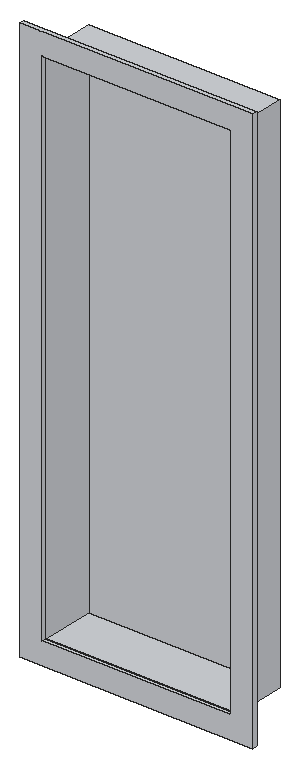
Revit family "Hager-VOLTA-Flush_mounted-Other-Without_Cover-Without_DIN-NoHosted-PL-pl", category Electrical Equipment, Revit 2023
Family settings
  Panel Configuration = Two Columns, Circuits Across
  Round Connector Dimension = Use Diameter
  Part Type = Panelboard
  Work Plane-Based = Yes
  Always vertical = Yes
  Cut with Voids When Loaded = No
  Maintain Annotation Orientation = No
  Shared = No
  Room Calculation Point = No
Parameters (values of type "VOLTA-Flush_mounted_W348_H880_D98_12_Modular_Spacing-VU60NK")
  Width Control [instance] = if([HG000006-Flush mounted-pl], if([EF000846 - Szerokość wbudowania] > min_whd, [EF000846 - Szerokość wbudowania], min_whd), if([EF000008 - Szerokość] > min_whd, ([EF000008 - Szerokość]), min_whd))  # 314 mm
  Void Depth [instance] = if([EF000218 - Głębokość wbudowania] > 1 mm, [EF000218 - Głębokość wbudowania], 1 mm)  # 90 mm
  Uniformat code = "D501001"
  Uniformat = "Low Tension Service & Dist."
  Référence = ""
  HGEF0002950-Szerokość wyrażona liczbą modułów = 12
  HGEF000266-Liczba rzędów = 5
  HG000131 - Functional label [instance] = ""
  HG000130 - Functional name [instance] = ""
  HG000099-Onfly Template ID-pl-PL = "507532"
  HG000059-Operating voltage-pl-PL [instance] = 230 V
  HG000017-Distance between poles-pl = 18 mm
  HG000016-Door 3D visibility-pl = yes
  HG000015-Clearance visibility-pl = yes
  HG000014-Door on the right-pl = yes
  HG000013-Door on the left-pl = no
  HG000012-Door swing angle-pl = 90.00°
  HG000011-Empty rows from bottom-pl = no
  HG000010-Asymmetric doors-pl = no
  HG000009-Double swing door-pl = no
  HG000008-Number of empty rows-pl = 0
  HG000007-Number of empty columns-pl = 0
  HG000006-Flush mounted-pl = yes
  HG000005-Thickness-pl = 2 mm
  HG000004-Manufacturer reference-pl = "VU60NK"
  HG000003-Range-pl = "VOLTA"
  HG000002-with door or cover-pl = no
  HG000001-Number of columns-pl = 0
  ETIM class name = "Small distribution board"
  ETIM class code = "EC000214"
  EF015941 - Drzwi przepuszczające sygnał = no
  EF015777 - Listwa zaciskowa przewodu neutralnego = no
  EF015776 - Listwa zaciskowa uziemienia = no
  EF009212 - Wykonanie/rodzaj pokrywy = ""
  EF006306 - Z zamkiem = no
  EF006244 - Transparentna pokrywa/drzwi = no
  EF005474 - Stopień ochrony (IP) = "Inne"
  EF004464 - Rodzaj drzwi = ""
  EF004462 - Rodzaj zamknięcia = "Inne"
  EF002950 - Szerokość wyrażona liczbą modułów = 12
  EF001596 - Materiał obudowy = ""
  EF001134 - Szyna DIN = no
  EF001131 - Głębokość wewnętrzna = 0 mm
  EF001088 - Możliwość rozbudowy = yes
  EF001062 - Wykonanie zgodne z Dyrektywą Kompatybilności Elektromagnetycznej EMC = no
  EF000846 - Szerokość wbudowania = 314 mm
  EF000339 - Rodzaj pokrywy = ""
  EF000332 - Wysokość wbudowania = 865 mm
  EF000266 - Liczba rzędów = 5
  EF000218 - Głębokość wbudowania = 90 mm
  EF000118 - Z płytą montażową = no
  EF000116 - Numer RAL = 9010
  EF000049 - Głębokość = 98 mm
  EF000040 - Wysokość = 880 mm
  EF000024 - Odporność na promieniowanie UV = no
  EF000008 - Szerokość = 348 mm
  EF000007 - Kolor = "Biały"
  EF000003 - Sposób montażu = "Montaż podtynkowy"
  Type Comments = ""
  System Height [instance] = Height Control - 2 * [HG000005-Thickness-pl]  # 861 mm
  Reference description = ""
  Reference = "VOLTA-Flush_mounted_W348_H880_D98_12_Modular_Spacing-VU60NK"
  Panel Name [instance] = ""  # (empty or 0)
  Offset [instance] = 0 mm
  Object type = ""
  Name hager = "ADD_Enclosures_EC000214"
  Name BIM&CO = "Electricity"
  Name = "VOLTA-Flush_mounted-Other-Without_Cover-Without_DIN-PL"
  Model = ""
  Level Offset [instance] = [Flush Mounted - Door Frame Width] + Offset  # 15 mm
  HG000060-RAL-number = "9010"
  GTIN (Global Trade Item Number) = ""
  Description = ""
  Default Elevation = 1200 mm
  Creation Date = "12/15/2025 21:47:11"
  Code hager = "ADD-EC000214_EU"
  Code Uniformat = ""
  BIM&CO code = ""
  BC_VARIANT_ID = "1174411"
  BC_OBJECT_VERSION = "#5"  # constant formula
  BC_OBJECT_ID = "513498"  # constant formula
  BC_MODEL_ID = "1547217"  # constant formula
  BC_METADATA = "{\"ObjectGuid\":\"bc35c96e-cb38-443e-833d-0616858cb9ac\",\"ModelGuid\":\"8af03f69-2293-4735-a617-cc53adf55621\",\"VariantGuid\":\"8b6e323b-1b53-409a-a940-11b5a7fc5337\",\"Revision\":\"#4\",\"VariantName\":\"Template-Enclosure_EU-EC000214\"}"
  Arrow Offset [instance] = Depth Control / 8  # 11.25 mm
  Arrow Height [instance] = Depth Control - Arrow Offset  # 78.75 mm
  Host Offset [instance] = if([HG000006-Flush mounted-pl], 0 mm, [EF000049 - Głębokość])  # 0 mm
  min_whd [instance] = (2 * [HG000005-Thickness-pl]) + 1 mm  # 5 mm
  Manufacturer = "Hager"  # constant formula
  Height Control [instance] = if([HG000006-Flush mounted-pl], if([EF000332 - Wysokość wbudowania] > min_whd, [EF000332 - Wysokość wbudowania], min_whd), if([EF000040 - Wysokość] > min_whd, ([EF000040 - Wysokość]), min_whd))  # 865 mm
  Flush Mounted - Door Frame Width [instance] = if(([EF000040 - Wysokość] - [EF000332 - Wysokość wbudowania]) > 0 mm, if([HG000006-Flush mounted-pl], [EF000040 - Wysokość] - [EF000332 - Wysokość wbudowania], 0 mm), 0 mm)  # 15 mm
  Depth Control [instance] = if([HG000006-Flush mounted-pl], if([EF000218 - Głębokość wbudowania] > 0 mm, [EF000218 - Głębokość wbudowania], 1 mm), if([EF000049 - Głębokość] > 0 mm, ([EF000049 - Głębokość]), 1 mm))  # 90 mm
Types (5, lengths in mm): name | HGEF000266-Liczba rzędów | HG000004-Manufacturer reference-pl | EF009212 - Wykonanie/rodzaj pokrywy | EF004462 - Rodzaj zamknięcia | EF001062 - Wykonanie zgodne z Dyrektywą Kompatybilności Elektromagnetycznej EMC | EF000332 - Wysokość wbudowania | EF000266 - Liczba rzędów | EF000116 - Numer RAL | EF000049 - Głębokość | EF000040 - Wysokość | EF000008 - Szerokość | EF000007 - Kolor | System Height | Reference | Level Offset | HG000060-RAL-number | BC_VARIANT_ID | Height Control | Flush Mounted - Door Frame Width
  VOLTA-Flush_mounted_W330_H355_D94_12_Modular_Spacing-VU12NK | 1 | "VU12NK" | "Zamknięty" | "" | yes | 346 | 1 | 7035 | 94 | 355 | 330 | "Szary" | 342 | "VOLTA-Flush_mounted_W330_H355_D94_12_Modular_Spacing-VU12NK" | 9 | "7035" | "1174404" | 346 | 9
  VOLTA-Flush_mounted_W348_H505_D98_12_Modular_Spacing-VU24NK | 2 | "VU24NK" | "" | "Inne" | no | 471 | 2 | 9010 | 98 | 505 | 348 | "Biały" | 467 | "VOLTA-Flush_mounted_W348_H505_D98_12_Modular_Spacing-VU24NK" | 34 | "9010" | "1174406" | 471 | 34
  VOLTA-Flush_mounted_W348_H630_D98_12_Modular_Spacing-VU36NK | 3 | "VU36NK" | "" | "Inne" | no | 596 | 3 | 9010 | 98 | 630 | 348 | "Biały" | 592 | "VOLTA-Flush_mounted_W348_H630_D98_12_Modular_Spacing-VU36NK" | 34 | "9010" | "1174408" | 596 | 34
  VOLTA-Flush_mounted_W348_H755_D98_12_Modular_Spacing-VU48NK | 4 | "VU48NK" | "" | "Inne" | no | 721 | 4 | 9010 | 98 | 755 | 348 | "Biały" | 717 | "VOLTA-Flush_mounted_W348_H755_D98_12_Modular_Spacing-VU48NK" | 34 | "9010" | "1174409" | 721 | 34
  VOLTA-Flush_mounted_W348_H880_D98_12_Modular_Spacing-VU60NK | 5 | "VU60NK" | "" | "Inne" | no | 865 | 5 | 9010 | 98 | 880 | 348 | "Biały" | 861 | "VOLTA-Flush_mounted_W348_H880_D98_12_Modular_Spacing-VU60NK" | 15 | "9010" | "1174411" | 865 | 15
Reference planes
  plane 1 "Center (Front/Back)": y = 0
  plane 2: z = 0
  plane 3 "Center (Left/Right)": x = 0
  plane 4: y = 17
  plane 5: y = 90
  plane 6: y = 15
  plane 7: z = 0
  plane 8: x = -157
  plane 9: x = 157
  plane 10: x = 155
  plane 11: x = -155
  plane 12: z = 15
  plane 13: z = 17
  plane 14: y = 5
  plane 15: y = 0
  plane 16: y = 88
  plane 17: z = 878
  plane 18: z = 880
  plane 19: z = 447.5
  plane 20: x = 0
  plane 21: y = -100
  plane 22 "Annotation H": y = -300
  plane 23 "Annotation V": x = 357
Forms (mm)
  Extrusion 1, solid
    sketch origin (-208.679, -4572, 15) x (-1, 0, 0) y (0, -1, 0)
      loop
        line (-51.679, -4572) -> (-365.679, -4572) -> (-365.679, -4662) -> (-51.679, -4662) -> (-51.679, -4572)
    from 0 to 865 <- "Height Control"
  Extrusion 2, void
    sketch origin (-350.771, 0, 1219.2) x (1, 0, 0) y (0, 0, 1)
      loop
        line (195.771, -341.2) -> (195.771, -1202.2) -> (505.771, -1202.2) -> (505.771, -341.2) -> (195.771, -341.2)
    from 0 to -88
  Extrusion 3, solid, detail levels coarse+medium
    sketch origin (-350.771, 0, 1219.2) x (-1, 0, 0) y (0, 0, 1)
      loop
        line (-195.771, -341.2) -> (-505.771, -341.2) -> (-505.771, -1202.2) -> (-195.771, -1202.2) -> (-195.771, -341.2)
    from 0 to 2 <- "HG000005-Thickness-pl"
Cuts and joins
  Extrusion 2 cuts Extrusion 1
Dimensions and locks
  "Flush Mounted - Door Frame Width": plane 1 "Center (Front/Back)" to plane 6
  "HG000005-Thickness-pl": plane 4 to plane 6
  "HG000005-Thickness-pl": plane 8 to plane 11
  "HG000005-Thickness-pl": plane 9 to plane 10
  equal spacing: plane 8, plane 3 "Center (Left/Right)", plane 9
  "Width Control": plane 8 to plane 9
  locked: plane 14 to plane 15 at 5
  "Host Offset": plane 1 "Center (Front/Back)" to plane 15
  "Depth Control": plane 5 to plane 15
  "HG000005-Thickness-pl": plane 5 to plane 16
  "HG000005-Thickness-pl": plane 13 to plane 12
  "Level Offset": plane 12 to level
  "HG000005-Thickness-pl": plane 18 to plane 17
  "Height Control": plane 18 to plane 12
  "Arrow Offset": plane 5 to nested 4
  equal spacing: plane 18, plane 19, plane 12
  locked: connector elem to plane 19
  locked: connector elem to plane 3 "Center (Left/Right)"
  Extrusion 2 sketch curve to Extrusion 2 sketch curve to plane 9 = 310 mm, 2 mm
  locked: plane 9 to plane 23 "Annotation V" at 200
  locked: plane 22 "Annotation H" to plane 1 "Center (Front/Back)" at 300
  aligned and locked: nested 1 to plane 14
  aligned and locked: plane 3 "Center (Left/Right)" to nested 1
  aligned and locked: plane 3 "Center (Left/Right)" to nested 2
  aligned and locked: nested 2 to plane 15
  aligned and locked: plane 5 to Extrusion 1
  aligned and locked: Extrusion 3 sketch curve to plane 17
  aligned and locked: Extrusion 3 sketch curve to plane 11
  aligned and locked: plane 13 to Extrusion 3 sketch curve
  aligned and locked: Extrusion 3 sketch curve to plane 10
  aligned and locked: plane 13 to Extrusion 2 sketch curve
  aligned and locked: Extrusion 2 sketch curve to plane 17
  aligned and locked: plane 16 to Extrusion 2
  aligned and locked: plane 5 to Extrusion 1 sketch curve
  aligned and locked: plane 9 to Extrusion 1 sketch curve
  aligned and locked: plane 8 to Extrusion 1 sketch curve
  aligned and locked: plane 8 to nested 4
  aligned and locked: plane 8 to nested 3
  aligned and locked: nested 3 to plane 5
  aligned and locked: Extrusion 1 sketch curve to plane 15
  aligned and locked: Extrusion 2 to plane 15
  aligned and locked: nested 5 to plane 22 "Annotation H"
  aligned and locked: plane 23 "Annotation V" to nested 5
  aligned and locked: plane 11 to Extrusion 2
  aligned and locked: plane 10 to Extrusion 2
Nested families
  nested 1: "Hager_Enclosure_System" at (0, 5, 17), Height <- "System Height", Width_Control <- "Width Control", Built-in_Width <- "EF000846 - Szerokość wbudowania", Width <- "EF000008 - Szerokość", Depth <- "HG000005-Thickness-pl", Border <- "HG000005-Thickness-pl", Distance_Between_Poles <- "HG000017-Distance between poles-pl", Flush_Mounted <- "HG000006-Flush mounted-pl", Empty_Columns <- "HG000007-Number of empty columns-pl", Total_No_Empty_Rows <- "HG000008-Number of empty rows-pl", Empty_Rows_From_Bottom <- "HG000011-Empty rows from bottom-pl", Columns_Count <- "HG000001-Number of columns-pl", Rows_Count <- "HGEF000266-Liczba rzędów", Row_Module_Multiplicator <- "HGEF0002950-Szerokość wyrażona liczbą modułów", type "Hager_Enclosure_System", detail levels medium+fine
    with Width_Control 314 mm, Width 348 mm, Total_No_Rows 5, Total_No_Empty_Rows 0, Total_No_Columns 1, System_Width 310 mm, Rows_Count 5, Rows_Column 5, Row_Module_Multiplicator 12, Panel_4 no, Panel_3 no, Panel_2 no, Panel_1 no, No_Panels_Ctrl 1, Hide_Columns yes, Height 861 mm, Flush_Mounted yes, Empty_Rows_From_Bottom no, Empty_Rows_Column 0, Empty_Columns 0, Empty column 4 0, Empty column 3 0, Empty column 2 0, Empty column 1 0, Distance_Between_Poles 18 mm, Depth 2 mm, Columns_Count 0, Column_Width 310 mm, Built-in_Width 314 mm, Border 2 mm
  nested 2: "Hager_Enclosure_Door" at (0, 0, 15), Height_Ctrl <- "Height Control", Width_Ctrl <- "Width Control", BuiltIn_Depth <- "EF000218 - Głębokość wbudowania", Depth <- "EF000049 - Głębokość", BuiltIn_Width <- "EF000846 - Szerokość wbudowania", Height <- "EF000040 - Wysokość", BuiltIn_Height <- "EF000332 - Wysokość wbudowania", Width <- "EF000008 - Szerokość", Transparent <- "EF006244 - Transparentna pokrywa/drzwi", Border <- "HG000005-Thickness-pl", Door <- "HG000002-with door or cover-pl", Flush_Mounted <- "HG000006-Flush mounted-pl", Double <- "HG000009-Double swing door-pl", Assymetrical <- "HG000010-Asymmetric doors-pl", Angle <- "HG000012-Door swing angle-pl", Door_Left <- "HG000013-Door on the left-pl", Door_Right <- "HG000014-Door on the right-pl", Clearance <- "HG000015-Clearance visibility-pl", 3d_Door <- "HG000016-Door 3D visibility-pl", type "Hager_Enclosure_Door", detail levels medium+fine
    with min_wh 5 mm, Width_Ctrl 314 mm, Width 348 mm, Transparent_Door_No_Bottom_Border no, Transparent no, Leaf_Width 307 mm, Leaf_Tolerance 1.5 mm, Leaf_Height 858 mm, Leaf_2_Width 307 mm, Leaf_2_Offset 153.5 mm, Leaf_1_Width 307 mm, Leaf_1_Offset 153.5 mm, Height_Ctrl 865 mm, Height 880 mm, Frame_Width_Ctrl 34 mm, Frame_Width 34 mm, Frame_Internal_Offset 2 mm, Frame_Height_Ctrl 15 mm, Frame_Height 15 mm, Frame_Depth_Ctrl 8 mm, Frame_Depth 8 mm, Flush_Mounted yes, Double_Clearance_Ctrl no, Double no, Door_Right_Ctrl no, Door_Right yes, Door_Left_Ctrl no, Door_Left no, Door no, Depth 98 mm, Clearance_Depth 307 mm, Clearance_Ctrl yes, Clearance yes, BuiltIn_Width 314 mm, BuiltIn_Height 865 mm, BuiltIn_Depth 90 mm, Border 2 mm, Assymetrical no, Angle 90.00°, 3d_Door yes
  nested 3: "Hager_Enclosure_Symbol_Triangle" at (-157, 90, 0), Depth <- "Depth Control", Width <- "Width Control", type "Hager_Enclosure_Symbol_Triangle"
    with Width_Ctrl 314 mm, Width 314 mm, Depth_Ctrl 90 mm, Depth 90 mm
  nested 4: "Hager_Enclosure_Symbol_Arrow" at (-157, 78.75, 0), Height <- "Arrow Height", type "Hager_Enclosure_Symbol_Arrow"
    with Width_Inside 5.906 mm, Width 70.875 mm, Height_Ctrl 78.75 mm, Height 78.75 mm
  nested 5: "Hager_Annotation-HG000130" at (357, -300, 0), HG000130 - Functional name <- "HG000130 - Functional name", type "Hager_Annotation-HG000130"
    with HG000130 - Functional name ""
Connectors
  electrical at (0, 90, 447.5), driven by "HG000059-Operating voltage-pl-PL"
    settings: on plane 5, index 1, voltage 230 V, apparent load 0 VA, apparent load phase1 0 VA, apparent load phase2 0 VA, apparent load phase3 0 VA, power factor 1, load classification "Other", number of poles 1, system type 30, power factor state 1, is connector primary yes, connector utility no, sub classification motor no, connector description ""
Definition of nested family "Hager_Enclosure_Door"
  Parameters (values of type "Hager_Enclosure_Door")
    min_wh [instance] = (2 * Border) + 1 mm  # 11 mm
    Width_Ctrl [instance] = 400 mm
    Width [instance] = 500 mm
    Transparent_Door_No_Bottom_Border [instance] = no
    Transparent [instance] = yes
    Leaf_Width [instance] = if((Width_Ctrl - 2 * Border - 2 * Leaf_Tolerance) > 0 mm, (Width_Ctrl - 2 * Border - 2 * Leaf_Tolerance), min_wh)  # 387 mm
    Leaf_Tolerance [instance] = 1.5 mm  # constant formula
    Leaf_Height [instance] = if((Height_Ctrl - 2 * Border - 2 * Leaf_Tolerance) > 0 mm, (Height_Ctrl - 2 * Border - 2 * Leaf_Tolerance), min_wh)  # 387 mm
    Leaf_2_Width [instance] = if(and(and(Double, Assymetrical), Door_Left), (Leaf_Width / 3) - (Leaf_Tolerance / 2), if(and(and(Double, Assymetrical), Door_Right), (Leaf_Width / 3) * 2 - (Leaf_Tolerance / 2), if(and(Double, not(Assymetrical)), (Leaf_Width / 2) - Leaf_Tolerance, Leaf_Width)))  # 387 mm
    Leaf_2_Offset [instance] = if(and(Double, Assymetrical), Leaf_2_Width / 2, if(and(Double, not(Assymetrical)), Leaf_Width / 4, Leaf_Width / 2))  # 193.5 mm
    Leaf_1_Width [instance] = if(and(and(Double, Assymetrical), Door_Right), (Leaf_Width / 3) - (Leaf_Tolerance / 2), if(and(and(Double, Assymetrical), Door_Left), (Width / 3) * 2 - (Leaf_Tolerance / 2), if(and(Double, not(Assymetrical)), (Leaf_Width / 2) - Leaf_Tolerance, Leaf_Width)))  # 387 mm
    Leaf_1_Offset [instance] = if(and(Double, Assymetrical), Leaf_1_Width / 2, if(and(Double, not(Assymetrical)), Leaf_Width / 4, Leaf_Width / 2))  # 193.5 mm
    Height_Ctrl [instance] = 400 mm
    Height [instance] = 500 mm
    Frame_Width_Ctrl [instance] = if(Frame_Width > 0 mm, Frame_Width, 1 mm)  # 1 mm
    Frame_Width [instance] = Width - BuiltIn_Width  # 0 mm
    Frame_Internal_Offset [instance] = if(Flush_Mounted, Border, 0 mm)  # 5 mm
    Frame_Height_Ctrl [instance] = if(Frame_Height > 0 mm, Frame_Height, 1 mm)  # 1 mm
    Frame_Height [instance] = Height - BuiltIn_Height  # 0 mm
    Frame_Depth_Ctrl [instance] = if(Frame_Depth > 0 mm, Frame_Depth, 1 mm)  # 1 mm
    Frame_Depth [instance] = if(Depth - BuiltIn_Depth > 0 mm, if(Flush_Mounted, Depth - BuiltIn_Depth, 0 mm), 0 mm)  # 0 mm
    Flush_Mounted [instance] = yes
    Double_Clearance_Ctrl [instance] = and(Double, Clearance)  # no
    Double [instance] = no
    Door_Right_Ctrl [instance] = and(or(Door_Right, Double), Door)  # yes
    Door_Right [instance] = yes
    Door_Left_Ctrl [instance] = and(or(Door_Left, Double), Door)  # no
    Door_Left [instance] = no
    Door [instance] = yes
    Depth [instance] = 500 mm
    Default Elevation = 1219.2 mm
    Clearance_Material = none
    Clearance_Depth [instance] = if(Leaf_1_Width > Leaf_2_Width, Leaf_1_Width, Leaf_2_Width)  # 387 mm
    Clearance_Ctrl [instance] = and(not(Double), Clearance)  # yes
    Clearance [instance] = yes
    BuiltIn_Width [instance] = 500 mm
    BuiltIn_Height [instance] = 500 mm
    BuiltIn_Depth [instance] = 500 mm
    Border [instance] = 5 mm
    Assymetrical [instance] = yes
    Angle [instance] = 30.00°
    3d_Door [instance] = yes
  Reference planes
    plane 1 "Center (Front/Back)": y = 0
    plane 2 "Bottom": z = 0
    plane 3 "Center (Left/Right)": x = 0
    plane 4: z = 400
    plane 5: x = -200
    plane 6: x = 200
    plane 7: z = 395
    plane 8: x = -195
    plane 9: z = 5
    plane 10: x = 195
    plane 11: y = 0
    plane 12: z = 6.5
    plane 13: x = -582
    plane 14: y = -387
    plane 15: x = 582
    plane 16: x = 0
    plane 17: x = 0
    plane 18: x = -193.5
    plane 19: x = 193.5
    plane 20: z = 393.5
  Forms (mm)
    Extrusion 1, solid, visible <- "Flush_Mounted"
      sketch origin (0, 0, 0) x (1, 0, 0) y (0, 0, 1)
        loop
          line (195, 5) -> (195, 395) -> (-195, 395) -> (-195, 5) -> (195, 5)
        loop
          line (-201, 401) -> (-201, -1) -> (201, -1) -> (201, 401) -> (-201, 401)
      from 0 to 1 <- "Frame_Depth_Ctrl"
    Extrusion 2, solid, material <- "Clearance_Material", visible <- "Double_Clearance_Ctrl"
      sketch origin (1200, 0, 0) x (1, 0, 0) y (0, 0, -1)
        loop
          line (-1782, -393.5) -> (-618, -393.5) -> (-618, 0) -> (-1782, 0) -> (-1782, -393.5)
      from 0 to -387
  Dimensions and locks
    equal spacing: plane 5, plane 3 "Center (Left/Right)", plane 6
    "Width_Ctrl": plane 5 to plane 6
    "Border": plane 5 to plane 8
    "Border": plane 6 to plane 10
    "Border": plane 9 to level
    "Border": plane 4 to plane 7
    "Height_Ctrl": plane 4 to level
    "Leaf_Tolerance": plane 12 to plane 9
    "Frame_Depth": plane 11 to plane 1 "Center (Front/Back)"
    "Frame_Width_Ctrl": plane 5 to Extrusion 1 sketch curve
    "Frame_Width_Ctrl": plane 6 to Extrusion 1 sketch curve
    "Frame_Width_Ctrl": Extrusion 1 sketch curve to plane 4
    "Frame_Width_Ctrl": plane 2 "Bottom" to Extrusion 1 sketch curve
    "Leaf_1_Offset": plane 18 to plane 16
    "Leaf_2_Offset": plane 17 to plane 19
    "Leaf_1_Width": plane 13 to plane 8
    "Leaf_2_Width": plane 10 to plane 15
    "Clearance_Depth": plane 14 to plane 1 "Center (Front/Back)"
    "Leaf_Tolerance": plane 8 to plane 18
    "Leaf_Tolerance": plane 19 to plane 10
    "Leaf_Tolerance": plane 7 to plane 20
    "Frame_Internal_Offset": plane 5 to Extrusion 1 sketch curve
    "Frame_Internal_Offset": Extrusion 1 sketch curve to plane 2 "Bottom"
    "Frame_Internal_Offset": plane 6 to Extrusion 1 sketch curve
    "Frame_Internal_Offset": plane 4 to Extrusion 1 sketch curve
    aligned and locked: level to plane 2 "Bottom"
    aligned and locked: nested 1 to plane 16
    aligned and locked: nested 2 to plane 17
    aligned and locked: Extrusion 2 to plane 13
    aligned and locked: plane 15 to Extrusion 2
    aligned and locked: Extrusion 2 to plane 14
    aligned and locked: plane 12 to nested 1
    aligned and locked: nested 2 to plane 12
    aligned and locked: Extrusion 2 to plane 11
    aligned and locked: plane 20 to Extrusion 2
    aligned and locked: nested 2 to plane 11
    aligned and locked: nested 1 to plane 11
  Automatic sketch dimensions
    Extrusion 2 sketch curve to level = 0 mm
    plane 5 to Extrusion 2 sketch curve = 382 mm
    plane 6 to Extrusion 2 sketch curve = 382 mm
    Extrusion 2 sketch curve to plane 4 = 6.5 mm
  Nested families
    nested 1: "Hager_Enclosure_Door_Leaf" at (0, 0, 6.5), Width <- "Leaf_1_Width", visible <- "Door_Left_Ctrl", Leaf_Height <- "Leaf_Height", Angle <- "Angle", Depth <- "Border", 3d_Door <- "3d_Door", Transparent <- "Transparent", Clearance Material <- "Clearance_Material", Clearance <- "Clearance_Ctrl", Transparent_Door_No_Bottom_Border <- "Transparent_Door_No_Bottom_Border", type "Hager_Enclosure_Door_Leaf"
      with Width 387 mm, Transparent_Door_No_Bottom_Border no, Transparent_Door_Border_Bottom_Top 25 mm, Transparent_Door_Border 25 mm, Transparent_Ctrl yes, Transparent yes, Standard no, Leaf_Height 387 mm, Glass_Offset 1 mm, Depth 5 mm, Clearance Material none, Clearance yes, Angle_Ctrl 30.00°, Angle 30.00°, 3d_Door yes
    nested 2: "Hager_Enclosure_Door_Leaf" at (0, 0, 6.5) x (-1, 0, 0) z (0, 0, 1), Width <- "Leaf_2_Width", visible <- "Door_Right_Ctrl", Leaf_Height <- "Leaf_Height", Angle <- "Angle", Depth <- "Border", 3d_Door <- "3d_Door", Transparent <- "Transparent", Clearance Material <- "Clearance_Material", Clearance <- "Clearance_Ctrl", Transparent_Door_No_Bottom_Border <- "Transparent_Door_No_Bottom_Border", type "Hager_Enclosure_Door_Leaf"
      with Width 387 mm, Transparent_Door_No_Bottom_Border no, Transparent_Door_Border_Bottom_Top 25 mm, Transparent_Door_Border 25 mm, Transparent_Ctrl yes, Transparent yes, Standard no, Leaf_Height 387 mm, Glass_Offset 1 mm, Depth 5 mm, Clearance Material none, Clearance yes, Angle_Ctrl 30.00°, Angle 30.00°, 3d_Door yes
  Definition of nested family "Hager_Enclosure_Door_Leaf"
    Parameters (values of type "Hager_Enclosure_Door_Leaf")
      Width [instance] = 2000 mm
      Transparent_Door_No_Bottom_Border [instance] = yes
      Transparent_Door_Border_Bottom_Top [instance] = if(Transparent_Door_No_Bottom_Border, 0.1 mm, Transparent_Door_Border)  # 0.1 mm
      Transparent_Door_Border [instance] = if(Transparent_Door_No_Bottom_Border, (Width * 0.12), 25 mm)  # 240 mm
      Transparent_Ctrl [instance] = and(Transparent, [3d_Door])  # yes
      Transparent [instance] = yes
      Standard [instance] = and(not(Transparent), [3d_Door])  # no
      Leaf_Height [instance] = 2720.336 mm
      Glass_Offset [instance] = if((Depth - 10 mm) / 2 > 0 mm, (Depth - 10 mm) / 2, 1 mm)  # 15 mm
      Glass_Material = none
      Depth [instance] = 40 mm
      Default Elevation = 0 mm
      Clearance Material [instance] = none
      Clearance [instance] = yes
      Angle_Ctrl [instance] = if(Angle > 170.00°, 170.00°, Angle)  # 45.00°
      Angle [instance] = 45.00°
      3d_Door [instance] = yes
    Reference planes
      plane 1 "Center (Front/Back)": y = 0
      plane 2: z = 0
      plane 3 "Center (Left/Right)": x = 0
      plane 4: y = 2000
      plane 5: x = -1000
      plane 6: x = 1000
      plane 7: x = -3000
      plane 8: z = 2720.336
      plane 9: z = 0.1
      plane 10: z = 2720.236
      plane 11: x = 760
      plane 12: x = -760
    Forms (mm)
      Extrusion 1, solid, material <- "Clearance Material", visible <- "Clearance"
        sketch origin (0, 0, 0) x (1, 0, 0) y (0, 0, 1)
          loop
            line (-3000, 2720.336) -> (-3000, 0) -> (1000, 0) -> (1000, 2720.336) -> (-3000, 2720.336)
        from 0 to -2000
      Extrusion 2, solid, visible <- "Standard", detail levels medium+fine
        sketch origin (-1000, 0, 0) x (0.707107, 0.707107, 0) y (-0.707107, 0.707107, 0)
          loop
            line (0, -40) -> (2000, -40) -> (2000, 0) -> (0, 0) -> (0, -40)
        from 0 to 2720.336 <- "Leaf_Height"
      Extrusion 3, solid, visible <- "Transparent_Ctrl", detail levels medium+fine
        sketch origin (-1000, 0, 0) x (0.707107, 0.707107, 0) y (-0.707107, 0.707107, 0)
          loop
            line (0, -40) -> (2000, -40) -> (2000, 0) -> (0, 0) -> (0, -40)
        from 0 to 2720.336 <- "Leaf_Height"
      Extrusion 4, void, detail levels medium+fine
        sketch origin (-1000, 0, 0) x (-0.707107, 0.707107, 0) y (0.707107, 0.707107, 0)
          loop
            line (0, 240) -> (0, 1760) -> (-40, 1760) -> (-40, 240) -> (0, 240)
        from -2720.236 to -0.1
      Extrusion 5, solid, material <- "Glass_Material", visible <- "Transparent_Ctrl", detail levels medium+fine
        sketch origin (-1000, 0, 0) x (0.707107, 0.707107, 0) y (-0.707107, 0.707107, 0)
          loop
            line (240, -15) -> (240, -25) -> (1760, -25) -> (1760, -15) -> (240, -15)
        from 0.1 to 2720.236
    Cuts and joins
      Extrusion 4 cuts Extrusion 3
    Lines and regions (mm)
      symbolic lines
        curve 1: line (1000, 0, 0) -> (-3000, 0, 0)
        curve 2: arc (1000, 0, 0) -> (-1000, 2000, 0) -> (-3000, 0, 0) r 2000
        curve 4: line (-1000, 0, 0) -> (414.214, 1414.214, 0)
      reference lines
        curve 3: line (-1000, 0, 0) -> (414.214, 1414.214, 0)
      symbolic lines, detail levels medium+fine
        curve 5: line (414.214, 1414.214, 0) -> (442.498, 1385.929, 0)
        curve 6: line (442.498, 1385.929, 0) -> (-971.716, -28.284, 0)
        curve 7: line (-971.716, -28.284, 0) -> (-1000, 0, 0)
        curve 8: line (-1000, 0, 2720.336) -> (1000, 0, 2720.336)
        curve 9: line (-1000, 0, 0) -> (-1000, 0, 2720.336)
        curve 10: line (1000, 0, 0) -> (-1000, 0, 0)
        curve 11: line (1000, 0, 2720.336) -> (1000, 0, 0)
      symbolic lines, visible <- "Transparent_Ctrl", detail levels medium+fine
        curve 12: line (-760, 0, 2720.236) -> (760, 0, 2720.236)
        curve 13: line (-760, 0, 0.1) -> (-760, 0, 2720.236)
        curve 14: line (760, 0, 0.1) -> (-760, 0, 0.1)
        curve 15: line (760, 0, 2720.236) -> (760, 0, 0.1)
    Dimensions and locks
      "Width": plane 1 "Center (Front/Back)" to plane 4
      equal spacing: plane 5, plane 3 "Center (Left/Right)", plane 6
      "Width": plane 5 to plane 6
      "Width": plane 7 to plane 5
      "Leaf_Height": plane 8 to level
      "Depth": curve 6 to curve 3
      "Width": curve 5 to curve 3
      "Width": curve 3 to curve 3
      "Transparent_Door_Border": Extrusion 4 sketch curve to curve 7
      "Transparent_Door_Border": Extrusion 4 sketch curve to curve 5
      "Transparent_Door_Border_Bottom_Top": plane 8 to plane 10
      "Transparent_Door_Border_Bottom_Top": plane 9 to level
      "Glass_Offset": Extrusion 5 sketch curve to curve 4
      "Glass_Offset": Extrusion 5 sketch curve to curve 6
      "Transparent_Door_Border": Extrusion 5 sketch curve to curve 5
      "Transparent_Door_Border": Extrusion 5 sketch curve to curve 7
      "Transparent_Door_Border": plane 12 to plane 5
      "Transparent_Door_Border": plane 6 to plane 11
      "Angle_Ctrl": angle plane 1 "Center (Front/Back)" to curve 3
      aligned and locked: level to plane 2
      aligned and locked: Extrusion 1 to curve 1
      aligned and locked: plane 6 to Extrusion 1
      aligned and locked: Extrusion 1 to plane 1 "Center (Front/Back)"
      aligned and locked: plane 4 to Extrusion 1
      aligned and locked: plane 8 to Extrusion 1
      aligned and locked: curve 4 to curve 3
      aligned and locked: Extrusion 2 sketch curve to curve 7
      aligned and locked: Extrusion 2 sketch curve to curve 6
      aligned and locked: Extrusion 2 sketch curve to curve 5
      aligned and locked: Extrusion 2 sketch curve to curve 3
      aligned and locked: curve 7 to Extrusion 3 sketch curve
      aligned and locked: Extrusion 3 sketch curve to curve 4
      aligned and locked: Extrusion 3 sketch curve to curve 6
      aligned and locked: Extrusion 3 sketch curve to curve 5
      aligned and locked: curve 4 to Extrusion 4 sketch curve
      aligned and locked: curve 6 to Extrusion 4 sketch curve
      aligned and locked: Extrusion 4 to plane 9
      aligned and locked: Extrusion 4 to plane 10
      aligned and locked: Extrusion 5 to plane 9
      aligned and locked: Extrusion 5 to plane 10
      aligned and locked: curve 8 to plane 8
      aligned and locked: plane 5 to curve 9
      aligned and locked: plane 2 to curve 10
      aligned and locked: curve 11 to plane 6
      aligned and locked: plane 10 to curve 12
      aligned and locked: plane 12 to curve 13
      aligned and locked: curve 14 to plane 9
      aligned and locked: plane 11 to curve 15
    Automatic sketch dimensions
      plane 1 "Center (Front/Back)" to curve 2 = 0 mm
      curve 2 to plane 5 = 0 mm
      Extrusion 1 sketch curve to level = 0 mm
      Extrusion 1 sketch curve to plane 7 = 0 mm
      Extrusion 1 sketch curve to plane 6 = 0 mm
      Extrusion 1 sketch curve to plane 8 = 0 mm
      plane 1 "Center (Front/Back)" to curve 3 = 0 mm
      curve 3 to plane 5 = 0 mm
      curve 7 to curve 3 = 0 mm
Definition of nested family "Hager_Enclosure_Symbol_Triangle"
  Parameters (values of type "Hager_Enclosure_Symbol_Triangle")
    Width_Ctrl [instance] = if(Width > 1 mm, Width, 1 mm)  # 498 mm
    Width [instance] = 498 mm
    Depth_Ctrl [instance] = if(Depth > 1 mm, Depth, 1 mm)  # 72 mm
    Depth [instance] = 72 mm
  Reference planes
    plane 1 "Centre (avant/arrière)": y = 0
    plane 2: z = 0
    plane 3 "Centre (gauche/droite)": x = 0
  Lines and regions (mm)
    Filled region 1, type "Solid_Black", in view "Niveau de réf."
      outline origin (0, 0, 0) x (1, 0, 0) y (0, 1, 0)
        loop
          line (0, 0) -> (498, 0) -> (498, 72) -> (0, 0)
    reference lines, in view "Niveau de réf."
      curve 1: line (-206.153, 72, 0) -> (1083.258, 72, 0)
      curve 2: line (498, 405.456, 0) -> (498, -517.619, 0)
  Dimensions and locks
    "Depth_Ctrl": plane 1 "Centre (avant/arrière)" to curve 1
    "Width_Ctrl": plane 3 "Centre (gauche/droite)" to curve 2
    aligned and locked: curve 1 to Filled region 1 sketch curve
    aligned and locked: Filled region 1 sketch curve to plane 1 "Centre (avant/arrière)"
    aligned and locked: curve 2 to Filled region 1 sketch curve
    aligned and locked: plane 3 "Centre (gauche/droite)" to Filled region 1 sketch curve
    aligned and locked: plane 1 "Centre (avant/arrière)" to Filled region 1 sketch curve
  Automatic sketch dimensions
    curve 1 to plane 3 "Centre (gauche/droite)" = 206.153 mm
    curve 2 to curve 1 = 585.258 mm
    plane 1 "Centre (avant/arrière)" to curve 2 = 517.619 mm
    curve 2 to plane 1 "Centre (avant/arrière)" = 405.456 mm
Definition of nested family "Hager_Enclosure_Symbol_Arrow"
  Parameters (values of type "Hager_Enclosure_Symbol_Arrow")
    Width_Inside [instance] = if(Width / 12 > 2 mm, Width / 12, 2 mm)  # 4.987 mm
    Width [instance] = if(Height_Ctrl * 0.9 > 2 mm, Height_Ctrl * 0.9, 2 mm)  # 59.85 mm
    Height_Ctrl [instance] = if(Height > 2 mm, Height, 2 mm)  # 66.5 mm
    Height [instance] = 66.5 mm
  Reference planes
    plane 1 "Centre (avant/arrière)": y = 0
    plane 2: z = 0
    plane 3 "Centre (gauche/droite)": x = 0
    plane 4: x = 59.85
    plane 5: y = 28.263
    plane 6: y = 38.238
    plane 7: y = 66.5
    plane 8: x = 29.925
    plane 9: y = 33.25
  Lines and regions (mm)
    Filled region 1, type "Solid_Black", in view "Niveau de réf."
      outline origin (0, 0, 0) x (1, 0, 0) y (0, 1, 0)
        loop
          line (59.85, 66.5) -> (37.929, 52.827) -> (51.846, 41.935) -> (59.85, 66.5)
    detail lines, in view "Niveau de réf."
      curve 1: line (0, 0, 0) -> (29.925, 38.238, 0)
      curve 2: line (29.925, 38.238, 0) -> (29.925, 28.263, 0)
      curve 3: line (29.925, 28.263, 0) -> (59.85, 66.5, 0)
  Dimensions and locks
    "Width": plane 3 "Centre (gauche/droite)" to plane 4
    "Height_Ctrl": plane 7 to plane 1 "Centre (avant/arrière)"
    equal spacing: plane 3 "Centre (gauche/droite)", plane 8, plane 4
    equal spacing: plane 7, plane 9, plane 1 "Centre (avant/arrière)"
    equal spacing: plane 6, plane 9, plane 5
    "Width_Inside": plane 6 to plane 9
    equal spacing: curve 3, Filled region 1 sketch curve, Filled region 1 sketch curve
    angle Filled region 1 sketch curve to curve 3 = 20.00°
    angle curve 3 to Filled region 1 sketch curve = 20.00°
    locked: curve 3 to Filled region 1 sketch curve (angle 90.00°)
  Automatic sketch dimensions
    plane 1 "Centre (avant/arrière)" to curve 1 = 0 mm
    curve 1 to plane 3 "Centre (gauche/droite)" = 0 mm
    curve 2 to plane 6 = 0 mm
    curve 3 to plane 8 = 0 mm
    curve 3 to plane 4 = 0 mm
    curve 2 to plane 5 = 0 mm
    curve 3 to plane 7 = 0 mm
    Filled region 1 sketch curve to plane 4 = 0 mm
    Filled region 1 sketch curve to plane 7 = 0 mm
Definition of nested family "Hager_Annotation-HG000130"
  Parameters (values of type "Hager_Annotation-HG000130")
    HG000130 - Functional name [instance] = ""
  Reference planes
    plane 1: y = 0
    plane 2: x = 0
  Lines and regions (mm)
    detail lines
      curve 1: line (-27.5, 10, 0) -> (27.5, 10, 0)
      curve 2: line (-27.5, -10, 0) -> (-27.5, 10, 0)
      curve 3: line (27.5, -10, 0) -> (-27.5, -10, 0)
      curve 4: line (27.5, 10, 0) -> (27.5, -10, 0)
  Text (mm)
    label "HG000130 - Functional name" at (0.16, 0.026, 0), shows "HG000130 - Functional name"
